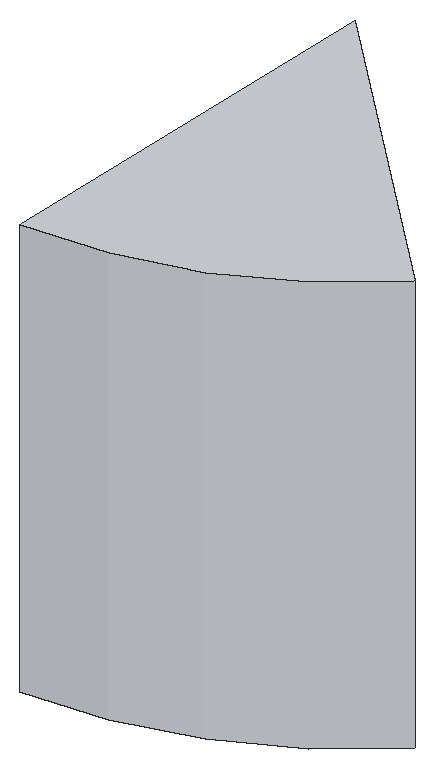
Revit family "M_Cotovelo retangular - Caveto acentuado - Extremidade curva", category Conexões de duto, Revit 2019
Family settings
  Cota do conector redondo = Utilizar diâmetro
  Tipo de parte = Cotovelo
  Número OmniClass = 23.75.70.14
  Título OmniClass = Air Ductwork
  ID de item do Seek = Rectangular Elbow - Sharp Throat - Radius Heel-0000-CAN-ENU
  Com base no plano de trabalho = Não
  Sempre na vertical = Sim
  Corte com vazios quando carregada = Não
  Compartilhado = Não
Parameters (values of type "Padrão")
  Largura do duto [instance] = 300 mm
  Raio [instance] = Largura do duto / 2 + 0.397 mm  # 150.397 mm
  Altura do duto [instance] = 300 mm
  Comprimento do duto [instance] = Raio * tan(Ângulo / 2)  # 62.296 mm
  Assembly Code = ""
  Ângulo [instance] = 45.00°
Reference planes
  plane 1 "Centro (Frente/Trás)": y = 0
  plane 2: z = 0
  plane 3 "Centro (Esquerda/Direita)": x = 0
  plane 4: y = 150.397
  plane 5: x = 62.296
  plane 6: x = -62.296
Forms (mm)
  Sweep 1, solid, detail levels medium+fine
    path in 3D
      loop
        arc (-62.296, 0, 0) -> (-4.742, 11.448, 0) -> (44.05, 44.05, 0) r 150.397
    profile "M_Duto - Retangular : Duto - Retangular" origin (-4.742, 11.448, 0) x (-0.382683, 0.92388, 0) y (0, 0, 1)
      loop
        line (-150, 150) -> (-150, -150) -> (150, -150) -> (150, 150) -> (-150, 150)
Lines and regions (mm)
  model lines, detail levels coarse
    curve 1: arc (-62.296, 0, 0) -> (-4.742, 11.448, 0) -> (44.05, 44.05, 0) r 150.397
  sketch lines
    curve 2: arc (-62.296, 0, 0) -> (-4.742, 11.448, 0) -> (44.05, 44.05, 0) r 150.397
Dimensions and locks
  "Raio": plane 1 "Centro (Frente/Trás)" to plane 4
  "Comprimento do duto": plane 3 "Centro (Esquerda/Direita)" to plane 5
  "Comprimento do duto": plane 6 to plane 3 "Centro (Esquerda/Direita)"
  "Raio": radius of curve 1
  "Ângulo": angle curve 1 to curve 1
  aligned and locked: plane 4 to curve 1
  aligned and locked: plane 6 to curve 1
Connectors
  hvac at (-62.296, 0, 0), driven by "Altura do duto", driven by "Largura do duto", driven by "Ângulo"
    settings: on Sweep 1, index 1, duct flow 0.0 L/s, flow factor 0, pres drop 0.0 Pa, loss coef 0, conn angle 45.00°, conn width 300 mm, conn height 300 mm, conn diameter 609.6 mm, duct sys type 28, conn prof type 1, flow config 0, flow direction 0, loss method 0, conn ref index 2, conn util no, is conn primary yes, conn desc ""
  hvac at (44.05, 44.05, 0), driven by "Ângulo", driven by "Altura do duto", driven by "Largura do duto"
    settings: on Sweep 1, index 2, duct flow 0.0 L/s, flow factor 0, pres drop 0.0 Pa, loss coef 0, conn angle 45.00°, conn width 300 mm, conn height 300 mm, conn diameter 609.6 mm, duct sys type 28, conn prof type 1, flow config 0, flow direction 0, loss method 0, conn ref index 1, conn util no, is conn primary no, conn desc ""
